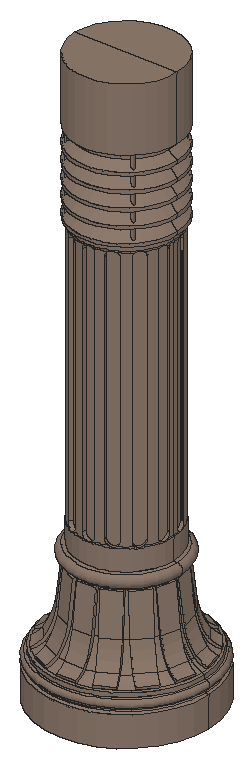
Revit family "BL0215", category Generic Models, Revit 2014
Parameters
  LIGHTING FINS 02 = Bronze, Architectural
  LIGHTING FINS = Bronze, Architectural
  DETAILS = Bronze, Architectural
  CAP = Bronze, Architectural
  BODY = Bronze, Architectural
Reference planes (in)
  plane 1 "Center (Front/Back)": y = 0
  plane 2: z = 0
  plane 3 "Center (Left/Right)": x = 0
Forms (in)
  Revolve 1, solid, material "Bronze, Architectural" <- "BODY"
    sketch origin (0, 0.00451, 0.06638) x (1, 0, 0) y (0, 0, 1)
      loop
        line (0, 0.06638) -> (6.5, 0.06638) -> (6.5, 2.44138) -> (6.26535, 2.55871)
        arc (6.26535, 2.55871) -> (6.23194, 2.60306) -> (6.24694, 2.65652) r 0.0626
        line (6.24694, 2.65652) -> (6.42529, 2.85461)
        arc (6.42529, 2.85461) -> (6.48817, 3.15494) -> (6.28187, 3.38207) r 0.3375
        line (6.28187, 3.38207) -> (6.125, 3.44138) -> (6.125, 3.75388) -> (5.90697, 3.81033)
        arc (5.90697, 3.81033) -> (5.42323, 4.04749) -> (5.02599, 4.41143) r 1.89122
        arc (5.02599, 4.41143) -> (4.50081, 5.38664) -> (4.2068, 6.45453) r 4.92577
        line (4.2068, 6.45453) -> (3.8337, 9.75388) -> (3.8125, 9.94138) -> (3.9, 9.94138)
        arc (3.9, 9.94138) -> (4.37166, 10.36013) -> (4.01171, 10.87806) r 0.475
        line (4.01171, 10.87806) -> (3.75, 10.94138) -> (3.75, 12.56638)
        arc (3.75, 12.56638) -> (3.72506, 12.6204) -> (3.71652, 12.67928) r 0.2071
        line (3.71652, 12.67928) -> (3.71652, 33.32847)
        arc (3.71652, 33.32847) -> (3.72506, 33.38736) -> (3.75, 33.44138) r 0.2071
        line (3.75, 33.44138) -> (3.75, 33.94138) -> (0, 33.94138) -> (0, 0.06638)
      axis (0, 33.94138) -> (0, 0.06638)
    angle from 0 to 360
  Extrusion 2, void
    sketch origin (0, 0.00451, 0.06638) x (1, 0, 0) y (0, 0, 1)
      loop
        line (0.5, 13.06685) -> (0.5, 32.94185)
        arc (0.5, 32.94185) -> (0, 33.44185) -> (-0.5, 32.94185) r 0.5
        line (-0.5, 32.94185) -> (-0.5, 13.06685)
        arc (-0.5, 13.06685) -> (0, 12.56685) -> (0.5, 13.06685) r 0.5
    from 3.39308 to 6.5
  Extrusion 3, solid, material "Bronze, Architectural" <- "DETAILS"
    sketch origin (-0.00111, -0.0669, 0.06638) x (0.000152, 1, 0) y (0, 0, 1)
      loop
        arc (5.94707, 3.995) -> (5.52428, 4.20602) -> (5.17571, 4.52504) r 1.70372
        arc (5.17571, 4.52504) -> (4.67418, 5.45854) -> (4.39265, 6.48016) r 4.73827
        line (4.39265, 6.48016) -> (4.02947, 9.69185) -> (3.8337, 9.75435) -> (4.20699, 6.45334)
        arc (4.20699, 6.45334) -> (4.50137, 5.38621) -> (5.02599, 4.41143) r 4.93973
        arc (5.02599, 4.41143) -> (5.42353, 4.04794) -> (5.90697, 3.81033) r 1.904
        line (5.90697, 3.81033) -> (5.94707, 3.995)
    from -0.74527 to 0.74746
  Extrusion 4, solid, material "Bronze, Architectural" <- "DETAILS"
    sketch origin (-0.03143, -0.05914, 0.06638) x (0.433962, 0.900931, 0) y (0, 0, 1)
      loop
        arc (5.94707, 3.995) -> (5.52428, 4.20602) -> (5.17571, 4.52504) r 1.70372
        arc (5.17571, 4.52504) -> (4.67418, 5.45854) -> (4.39265, 6.48016) r 4.73827
        line (4.39265, 6.48016) -> (4.02947, 9.69185) -> (3.8337, 9.75435) -> (4.20699, 6.45334)
        arc (4.20699, 6.45334) -> (4.50137, 5.38621) -> (5.02599, 4.41143) r 4.93973
        arc (5.02599, 4.41143) -> (5.42353, 4.04794) -> (5.90697, 3.81033) r 1.904
        line (5.90697, 3.81033) -> (5.94707, 3.995)
    from -0.74527 to 0.74746
  Extrusion 5, solid, material "Bronze, Architectural" <- "DETAILS"
    sketch origin (-0.05538, -0.03899, 0.06638) x (0.781869, 0.623442, 0) y (0, 0, 1)
      loop
        arc (5.94707, 3.995) -> (5.52428, 4.20602) -> (5.17571, 4.52504) r 1.70372
        arc (5.17571, 4.52504) -> (4.67418, 5.45854) -> (4.39265, 6.48016) r 4.73827
        line (4.39265, 6.48016) -> (4.02947, 9.69185) -> (3.8337, 9.75435) -> (4.20699, 6.45334)
        arc (4.20699, 6.45334) -> (4.50137, 5.38621) -> (5.02599, 4.41143) r 4.93973
        arc (5.02599, 4.41143) -> (5.42353, 4.04794) -> (5.90697, 3.81033) r 1.904
        line (5.90697, 3.81033) -> (5.94707, 3.995)
    from -0.74527 to 0.74746
  Extrusion 6, solid, material "Bronze, Architectural" <- "DETAILS"
    sketch origin (-0.06822, -0.01045, 0.06638) x (0.974944, 0.222452, 0) y (0, 0, 1)
      loop
        arc (5.94707, 3.995) -> (5.52428, 4.20602) -> (5.17571, 4.52504) r 1.70372
        arc (5.17571, 4.52504) -> (4.67418, 5.45854) -> (4.39265, 6.48016) r 4.73827
        line (4.39265, 6.48016) -> (4.02947, 9.69185) -> (3.8337, 9.75435) -> (4.20699, 6.45334)
        arc (4.20699, 6.45334) -> (4.50137, 5.38621) -> (5.02599, 4.41143) r 4.93973
        arc (5.02599, 4.41143) -> (5.42353, 4.04794) -> (5.90697, 3.81033) r 1.904
        line (5.90697, 3.81033) -> (5.94707, 3.995)
    from -0.74527 to 0.74746
  Extrusion 7, solid, material "Bronze, Architectural" <- "DETAILS"
    sketch origin (-0.06741, 0.02085, 0.06638) x (0.974901, -0.222639, 0) y (0, 0, 1)
      loop
        arc (5.94707, 3.995) -> (5.52428, 4.20602) -> (5.17571, 4.52504) r 1.70372
        arc (5.17571, 4.52504) -> (4.67418, 5.45854) -> (4.39265, 6.48016) r 4.73827
        line (4.39265, 6.48016) -> (4.02947, 9.69185) -> (3.8337, 9.75435) -> (4.20699, 6.45334)
        arc (4.20699, 6.45334) -> (4.50137, 5.38621) -> (5.02599, 4.41143) r 4.93973
        arc (5.02599, 4.41143) -> (5.42353, 4.04794) -> (5.90697, 3.81033) r 1.904
        line (5.90697, 3.81033) -> (5.94707, 3.995)
    from -0.74527 to 0.74746
  Extrusion 8, solid, material "Bronze, Architectural" <- "DETAILS"
    sketch origin (0.02958, -0.06074, 0.06638) x (-0.433675, 0.901069, 0) y (0, 0, 1)
      loop
        arc (5.94707, 3.995) -> (5.52428, 4.20602) -> (5.17571, 4.52504) r 1.70372
        arc (5.17571, 4.52504) -> (4.67418, 5.45854) -> (4.39265, 6.48016) r 4.73827
        line (4.39265, 6.48016) -> (4.02947, 9.69185) -> (3.8337, 9.75435) -> (4.20699, 6.45334)
        arc (4.20699, 6.45334) -> (4.50137, 5.38621) -> (5.02599, 4.41143) r 4.93973
        arc (5.02599, 4.41143) -> (5.42353, 4.04794) -> (5.90697, 3.81033) r 1.904
        line (5.90697, 3.81033) -> (5.94707, 3.995)
    from -0.74527 to 0.74746
  Extrusion 9, solid, material "Bronze, Architectural" <- "DETAILS"
    sketch origin (0.05455, -0.04188, 0.06638) x (-0.781634, 0.623737, 0) y (0, 0, 1)
      loop
        arc (5.94707, 3.995) -> (5.52428, 4.20602) -> (5.17571, 4.52504) r 1.70372
        arc (5.17571, 4.52504) -> (4.67418, 5.45854) -> (4.39265, 6.48016) r 4.73827
        line (4.39265, 6.48016) -> (4.02947, 9.69185) -> (3.8337, 9.75435) -> (4.20699, 6.45334)
        arc (4.20699, 6.45334) -> (4.50137, 5.38621) -> (5.02599, 4.41143) r 4.93973
        arc (5.02599, 4.41143) -> (5.42353, 4.04794) -> (5.90697, 3.81033) r 1.904
        line (5.90697, 3.81033) -> (5.94707, 3.995)
    from -0.74527 to 0.74746
  Extrusion 10, solid, material "Bronze, Architectural" <- "DETAILS"
    sketch origin (0.06887, -0.01405, 0.06638) x (-0.97484, 0.222905, 0) y (0, 0, 1)
      loop
        arc (5.94707, 3.995) -> (5.52428, 4.20602) -> (5.17571, 4.52504) r 1.70372
        arc (5.17571, 4.52504) -> (4.67418, 5.45854) -> (4.39265, 6.48016) r 4.73827
        line (4.39265, 6.48016) -> (4.02947, 9.69185) -> (3.8337, 9.75435) -> (4.20699, 6.45334)
        arc (4.20699, 6.45334) -> (4.50137, 5.38621) -> (5.02599, 4.41143) r 4.93973
        arc (5.02599, 4.41143) -> (5.42353, 4.04794) -> (5.90697, 3.81033) r 1.904
        line (5.90697, 3.81033) -> (5.94707, 3.995)
    from -0.74527 to 0.74746
  Extrusion 11, solid, material "Bronze, Architectural" <- "DETAILS"
    sketch origin (0.0697, 0.01724, 0.06638) x (-0.975026, -0.222089, 0) y (0, 0, 1)
      loop
        arc (5.94707, 3.995) -> (5.52428, 4.20602) -> (5.17571, 4.52504) r 1.70372
        arc (5.17571, 4.52504) -> (4.67418, 5.45854) -> (4.39265, 6.48016) r 4.73827
        line (4.39265, 6.48016) -> (4.02947, 9.69185) -> (3.8337, 9.75435) -> (4.20699, 6.45334)
        arc (4.20699, 6.45334) -> (4.50137, 5.38621) -> (5.02599, 4.41143) r 4.93973
        arc (5.02599, 4.41143) -> (5.42353, 4.04794) -> (5.90697, 3.81033) r 1.904
        line (5.90697, 3.81033) -> (5.94707, 3.995)
    from -0.74527 to 0.74746
  Extrusion 12, solid, material "Bronze, Architectural" <- "DETAILS"
    sketch origin (0.05689, 0.04576, 0.06638) x (-0.782412, -0.622762, 0) y (0, 0, 1)
      loop
        arc (5.94707, 3.995) -> (5.52428, 4.20602) -> (5.17571, 4.52504) r 1.70372
        arc (5.17571, 4.52504) -> (4.67418, 5.45854) -> (4.39265, 6.48016) r 4.73827
        line (4.39265, 6.48016) -> (4.02947, 9.69185) -> (3.8337, 9.75435) -> (4.20699, 6.45334)
        arc (4.20699, 6.45334) -> (4.50137, 5.38621) -> (5.02599, 4.41143) r 4.93973
        arc (5.02599, 4.41143) -> (5.42353, 4.04794) -> (5.90697, 3.81033) r 1.904
        line (5.90697, 3.81033) -> (5.94707, 3.995)
    from -0.74527 to 0.74746
  Extrusion 13, solid, material "Bronze, Architectural" <- "DETAILS"
    sketch origin (0.03296, 0.06593, 0.06638) x (-0.434846, -0.900505, 0) y (0, 0, 1)
      loop
        arc (5.94707, 3.995) -> (5.52428, 4.20602) -> (5.17571, 4.52504) r 1.70372
        arc (5.17571, 4.52504) -> (4.67418, 5.45854) -> (4.39265, 6.48016) r 4.73827
        line (4.39265, 6.48016) -> (4.02947, 9.69185) -> (3.8337, 9.75435) -> (4.20699, 6.45334)
        arc (4.20699, 6.45334) -> (4.50137, 5.38621) -> (5.02599, 4.41143) r 4.93973
        arc (5.02599, 4.41143) -> (5.42353, 4.04794) -> (5.90697, 3.81033) r 1.904
        line (5.90697, 3.81033) -> (5.94707, 3.995)
    from -0.74527 to 0.74746
  Extrusion 14, solid, material "Bronze, Architectural" <- "DETAILS"
    sketch origin (-0.05309, 0.04869, 0.06638) x (0.781774, -0.623562, 0) y (0, 0, 1)
      loop
        arc (5.94707, 3.995) -> (5.52428, 4.20602) -> (5.17571, 4.52504) r 1.70372
        arc (5.17571, 4.52504) -> (4.67418, 5.45854) -> (4.39265, 6.48016) r 4.73827
        line (4.39265, 6.48016) -> (4.02947, 9.69185) -> (3.8337, 9.75435) -> (4.20699, 6.45334)
        arc (4.20699, 6.45334) -> (4.50137, 5.38621) -> (5.02599, 4.41143) r 4.93973
        arc (5.02599, 4.41143) -> (5.42353, 4.04794) -> (5.90697, 3.81033) r 1.904
        line (5.90697, 3.81033) -> (5.94707, 3.995)
    from -0.74527 to 0.74746
  Extrusion 15, solid, material "Bronze, Architectural" <- "DETAILS"
    sketch origin (-0.02811, 0.06756, 0.06638) x (0.433722, -0.901047, 0) y (0, 0, 1)
      loop
        arc (5.94707, 3.995) -> (5.52428, 4.20602) -> (5.17571, 4.52504) r 1.70372
        arc (5.17571, 4.52504) -> (4.67418, 5.45854) -> (4.39265, 6.48016) r 4.73827
        line (4.39265, 6.48016) -> (4.02947, 9.69185) -> (3.8337, 9.75435) -> (4.20699, 6.45334)
        arc (4.20699, 6.45334) -> (4.50137, 5.38621) -> (5.02599, 4.41143) r 4.93973
        arc (5.02599, 4.41143) -> (5.42353, 4.04794) -> (5.90697, 3.81033) r 1.904
        line (5.90697, 3.81033) -> (5.94707, 3.995)
    from -0.74527 to 0.74746
  Extrusion 16, solid, material "Bronze, Architectural" <- "DETAILS"
    sketch origin (0.00262, 0.07372, 0.06638) x (-0.000712, -1, 0) y (0, 0, 1)
      loop
        arc (5.94707, 3.995) -> (5.52428, 4.20602) -> (5.17571, 4.52504) r 1.70372
        arc (5.17571, 4.52504) -> (4.67418, 5.45854) -> (4.39265, 6.48016) r 4.73827
        line (4.39265, 6.48016) -> (4.02947, 9.69185) -> (3.8337, 9.75435) -> (4.20699, 6.45334)
        arc (4.20699, 6.45334) -> (4.50137, 5.38621) -> (5.02599, 4.41143) r 4.93973
        arc (5.02599, 4.41143) -> (5.42353, 4.04794) -> (5.90697, 3.81033) r 1.904
        line (5.90697, 3.81033) -> (5.94707, 3.995)
    from -0.74527 to 0.74746
  Extrusion 17, void
    sketch origin (0, 0.00451, 0.06638) x (0.900969, -0.433884, 0) y (0, 0, 1)
      loop
        line (0.5, 13.06685) -> (0.5, 32.94185)
        arc (0.5, 32.94185) -> (0, 33.44185) -> (-0.5, 32.94185) r 0.5
        line (-0.5, 32.94185) -> (-0.5, 13.06685)
        arc (-0.5, 13.06685) -> (0, 12.56685) -> (0.5, 13.06685) r 0.5
    from 3.39308 to 6.5
  Extrusion 18, void
    sketch origin (0, 0.00451, 0.06638) x (0.62349, -0.781831, 0) y (0, 0, 1)
      loop
        line (0.5, 13.06685) -> (0.5, 32.94185)
        arc (0.5, 32.94185) -> (0, 33.44185) -> (-0.5, 32.94185) r 0.5
        line (-0.5, 32.94185) -> (-0.5, 13.06685)
        arc (-0.5, 13.06685) -> (0, 12.56685) -> (0.5, 13.06685) r 0.5
    from 3.39308 to 6.5
  Extrusion 19, void
    sketch origin (0, 0.00451, 0.06638) x (0.222521, -0.974928, 0) y (0, 0, 1)
      loop
        line (0.5, 13.06685) -> (0.5, 32.94185)
        arc (0.5, 32.94185) -> (0, 33.44185) -> (-0.5, 32.94185) r 0.5
        line (-0.5, 32.94185) -> (-0.5, 13.06685)
        arc (-0.5, 13.06685) -> (0, 12.56685) -> (0.5, 13.06685) r 0.5
    from 3.39308 to 6.5
  Extrusion 20, void
    sketch origin (0, 0.00451, 0.06638) x (0.900969, 0.433884, 0) y (0, 0, 1)
      loop
        line (0.5, 13.06685) -> (0.5, 32.94185)
        arc (0.5, 32.94185) -> (0, 33.44185) -> (-0.5, 32.94185) r 0.5
        line (-0.5, 32.94185) -> (-0.5, 13.06685)
        arc (-0.5, 13.06685) -> (0, 12.56685) -> (0.5, 13.06685) r 0.5
    from 3.39308 to 6.5
  Extrusion 21, void
    sketch origin (0, 0.00451, 0.06638) x (0.62349, 0.781831, 0) y (0, 0, 1)
      loop
        line (0.5, 13.06685) -> (0.5, 32.94185)
        arc (0.5, 32.94185) -> (0, 33.44185) -> (-0.5, 32.94185) r 0.5
        line (-0.5, 32.94185) -> (-0.5, 13.06685)
        arc (-0.5, 13.06685) -> (0, 12.56685) -> (0.5, 13.06685) r 0.5
    from 3.39308 to 6.5
  Extrusion 22, void
    sketch origin (0, 0.00451, 0.06638) x (0.222521, 0.974928, 0) y (0, 0, 1)
      loop
        line (0.5, 13.06685) -> (0.5, 32.94185)
        arc (0.5, 32.94185) -> (0, 33.44185) -> (-0.5, 32.94185) r 0.5
        line (-0.5, 32.94185) -> (-0.5, 13.06685)
        arc (-0.5, 13.06685) -> (0, 12.56685) -> (0.5, 13.06685) r 0.5
    from 3.39308 to 6.5
  Extrusion 23, void
    sketch origin (0, 0.00451, 0.06638) x (-0.222521, 0.974928, 0) y (0, 0, 1)
      loop
        line (0.5, 13.06685) -> (0.5, 32.94185)
        arc (0.5, 32.94185) -> (0, 33.44185) -> (-0.5, 32.94185) r 0.5
        line (-0.5, 32.94185) -> (-0.5, 13.06685)
        arc (-0.5, 13.06685) -> (0, 12.56685) -> (0.5, 13.06685) r 0.5
    from 3.39308 to 6.5
  Extrusion 24, void
    sketch origin (0, 0.00451, 0.06638) x (-0.222521, -0.974928, 0) y (0, 0, 1)
      loop
        line (0.5, 13.06685) -> (0.5, 32.94185)
        arc (0.5, 32.94185) -> (0, 33.44185) -> (-0.5, 32.94185) r 0.5
        line (-0.5, 32.94185) -> (-0.5, 13.06685)
        arc (-0.5, 13.06685) -> (0, 12.56685) -> (0.5, 13.06685) r 0.5
    from 3.39308 to 6.5
  Extrusion 25, void
    sketch origin (0, 0.00451, 0.06638) x (-0.62349, -0.781831, 0) y (0, 0, 1)
      loop
        line (0.5, 13.06685) -> (0.5, 32.94185)
        arc (0.5, 32.94185) -> (0, 33.44185) -> (-0.5, 32.94185) r 0.5
        line (-0.5, 32.94185) -> (-0.5, 13.06685)
        arc (-0.5, 13.06685) -> (0, 12.56685) -> (0.5, 13.06685) r 0.5
    from 3.39308 to 6.5
  Extrusion 26, void
    sketch origin (0, 0.00451, 0.06638) x (-0.900969, -0.433884, 0) y (0, 0, 1)
      loop
        line (0.5, 13.06685) -> (0.5, 32.94185)
        arc (0.5, 32.94185) -> (0, 33.44185) -> (-0.5, 32.94185) r 0.5
        line (-0.5, 32.94185) -> (-0.5, 13.06685)
        arc (-0.5, 13.06685) -> (0, 12.56685) -> (0.5, 13.06685) r 0.5
    from 3.39308 to 6.5
  Extrusion 27, void
    sketch origin (0, 0.00451, 0.06638) x (-0.900969, 0.433884, 0) y (0, 0, 1)
      loop
        line (0.5, 13.06685) -> (0.5, 32.94185)
        arc (0.5, 32.94185) -> (0, 33.44185) -> (-0.5, 32.94185) r 0.5
        line (-0.5, 32.94185) -> (-0.5, 13.06685)
        arc (-0.5, 13.06685) -> (0, 12.56685) -> (0.5, 13.06685) r 0.5
    from 3.39308 to 6.5
  Extrusion 28, void
    sketch origin (0, 0.00451, 0.06638) x (-0.62349, 0.781831, 0) y (0, 0, 1)
      loop
        line (0.5, 13.06685) -> (0.5, 32.94185)
        arc (0.5, 32.94185) -> (0, 33.44185) -> (-0.5, 32.94185) r 0.5
        line (-0.5, 32.94185) -> (-0.5, 13.06685)
        arc (-0.5, 13.06685) -> (0, 12.56685) -> (0.5, 13.06685) r 0.5
    from 3.39308 to 6.5
  Extrusion 29, void
    sketch origin (0, 0.00451, 0.06638) x (-1, 0, 0) y (0, 0, 1)
      loop
        line (0.5, 13.06685) -> (0.5, 32.94185)
        arc (0.5, 32.94185) -> (0, 33.44185) -> (-0.5, 32.94185) r 0.5
        line (-0.5, 32.94185) -> (-0.5, 13.06685)
        arc (-0.5, 13.06685) -> (0, 12.56685) -> (0.5, 13.06685) r 0.5
    from 3.39308 to 6.5
  Extrusion 30, solid, material "Bronze, Architectural" <- "LIGHTING FINS 02"
    sketch origin (6.85566, 9.77407, -0.00223) x (-0.707074, -0.70714, 0) y (0.70714, -0.707074, 0)
      loop
        line (11.64621, 5.16687) -> (11.89621, 5.16687) -> (11.89621, 5.75077)
        arc (11.89621, 5.75077) -> (11.77121, 5.87577) -> (11.64621, 5.75077) r 0.125
        line (11.64621, 5.75077) -> (11.64621, 5.16687)
    from 33.94138 to 40.39138
  Extrusion 31, solid, material "Bronze, Architectural" <- "LIGHTING FINS 02"
    sketch origin (-6.85519, -9.77344, -0.00223) x (0.707067, 0.707147, 0) y (-0.707147, 0.707067, 0)
      loop
        line (11.63461, 5.16687) -> (11.88461, 5.16687) -> (11.88461, 5.74691)
        arc (11.88461, 5.74691) -> (11.75961, 5.87191) -> (11.63461, 5.74691) r 0.125
        line (11.63461, 5.74691) -> (11.63461, 5.16687)
    from 33.94138 to 40.39138
  Extrusion 32, solid, material "Bronze, Architectural" <- "LIGHTING FINS 02"
    sketch origin (-9.773, 6.85658, -0.00223) x (0.707085, -0.707128, 0) y (0.707128, 0.707085, 0)
      loop
        line (11.6344, 5.16687) -> (11.8844, 5.16687) -> (11.8844, 5.74973)
        arc (11.8844, 5.74973) -> (11.7594, 5.87473) -> (11.6344, 5.74973) r 0.125
        line (11.6344, 5.74973) -> (11.6344, 5.16687)
    from 33.94138 to 40.39138
  Extrusion 33, solid, material "Bronze, Architectural" <- "LIGHTING FINS 02"
    sketch origin (9.77537, -6.85304, -0.00223) x (-0.70729, 0.706923, 0) y (-0.706923, -0.70729, 0)
      loop
        line (11.63479, 5.16687) -> (11.88479, 5.16687) -> (11.88479, 5.7483)
        arc (11.88479, 5.7483) -> (11.75979, 5.8733) -> (11.63479, 5.7483) r 0.125
        line (11.63479, 5.7483) -> (11.63479, 5.16687)
    from 33.94138 to 40.39138
  Revolve 34, solid, material "Bronze, Architectural" <- "LIGHTING FINS"
    sketch origin (0.00044, 0, -0.00223) x (1, 0, 0) y (0, 0, 1)
      loop
        line (-4, 38.94138) -> (-3.875, 38.94138) -> (-3.86627, 39.19138) -> (-3.0625, 39.45238) -> (-3, 39.45238) -> (-3, 38.94138) -> (-3.125, 38.94138) -> (-4, 37.94138) -> (-4, 37.69138) -> (-3.875, 37.69138) -> (-3.86627, 37.94138) -> (-3.0625, 38.64138) -> (-3, 38.64138) -> (-3, 37.69138) -> (-3.125, 37.69138) -> (-4, 36.69138) -> (-4, 36.44138) -> (-3.875, 36.44138) -> (-3.86627, 36.69138) -> (-3.0625, 37.39138) -> (-3, 37.39138) -> (-3, 36.44138) -> (-3.125, 36.44138) -> (-4, 35.44138) -> (-4, 35.19138) -> (-3.875, 35.19138) -> (-3.86627, 35.44138) -> (-3.06239, 36.14148) -> (-3, 36.14148) -> (-3, 35.19138) -> (-3.125, 35.19138) -> (-4, 34.19138) -> (-4, 33.94138) -> (-3.875, 33.94138) -> (-3.86627, 34.19138) -> (-3.0625, 34.89138) -> (-3, 34.89138) -> (-3, 33.94138) -> (0, 33.94138) -> (0, 40.39138) -> (-3.449, 40.39138) -> (-3.449, 39.82738) -> (-3.2875, 39.82738) -> (-4, 39.19138) -> (-4, 38.94138)
      axis (0, 40.39138) -> (0, 33.94138)
    angle from 0 to 360
  Revolve 35, solid, material "Bronze, Architectural" <- "CAP"
    sketch origin (0, 0, 0) x (1, 0, 0) y (0, 0, 1)
      loop
        line (4.00044, 40.38915) -> (4.00044, 45.38915) -> (0.00044, 45.38915) -> (0.00044, 40.38915) -> (4.00044, 40.38915)
      axis (0.00044, 40.38915) -> (0.00044, 45.38915)
    angle from 0 to 360
Cuts and joins
  Extrusion 2, Extrusion 17, Extrusion 18, Extrusion 19, Extrusion 20, Extrusion 21, Extrusion 22, Extrusion 23, Extrusion 24, Extrusion 25, Extrusion 26, Extrusion 27, Extrusion 28, Extrusion 29 cuts Revolve 1
Lines and regions (in)
  model lines
    curve 1: line (6.5, 1.48809, 0) -> (5.2126, 4.16141, 0)
    curve 2: line (5.2126, 4.16141, 0) -> (2.89277, 6.01141, 0)
    curve 3: line (2.89277, 6.01141, 0) -> (0, 6.67167, 0)
    curve 4: line (0, 6.67167, 0) -> (-2.89277, 6.01141, 0)
    curve 5: line (-2.89277, 6.01141, 0) -> (-5.2126, 4.16141, 0)
    curve 6: line (-5.2126, 4.16141, 0) -> (-6.5, 1.48809, 0)
    curve 7: line (-6.5, 1.48809, 0) -> (-6.5, -1.47907, 0)
    curve 8: line (-6.5, -1.47907, 0) -> (-5.2126, -4.1524, 0)
    curve 9: line (-5.2126, -4.1524, 0) -> (-2.89277, -6.0024, 0)
    curve 10: line (-2.89277, -6.0024, 0) -> (0, -6.66265, 0)
    curve 11: line (0, -6.66265, 0) -> (2.89277, -6.0024, 0)
    curve 12: line (2.89277, -6.0024, 0) -> (5.2126, -4.1524, 0)
    curve 13: line (5.2126, -4.1524, 0) -> (6.5, -1.47907, 0)
    curve 14: line (6.5, -1.47907, 0) -> (6.5, 1.48809, 0)
Dimensions and locks (in)
  aligned and locked: plane 2 to level
